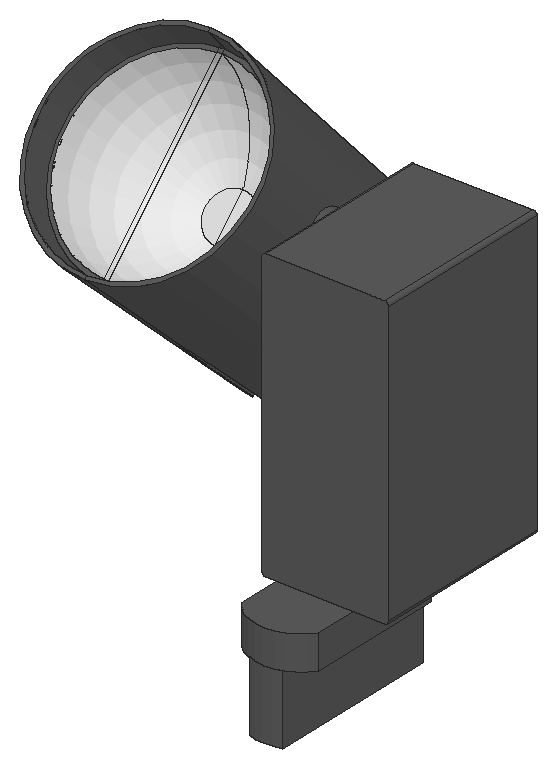
Revit family "0004950 Feilo Sylvania Lighting Fixture START TRACK SPOT S DALI 2087LM 940 WB BLK", category Lighting Fixtures, host Face, Revit 2017 (continued)
Definition of nested family "Start Track Spot Head"
  Types (96, lengths in mm): name | Wattage | built-in parameter 1150134 | Photometric Web File | Model | built-in parameter 1150105 | Lumens | built-in parameter 1150107 | built-in parameter 1150106 | HeadThickness_FEILO | HeadRibOffset_FEILO | HeadRibDepth_FEILO | HeadRibCutWidth_FEILO | HeadRibCutOffset_FEILO | HeadReflectorRadius_FEILO | HeadReflectorOffset_FEILO | HeadLEDRadius_FEILO | HeadHeight_FEILO | HeadDiffusorOffset_FEILO | HeadDiaOut_FEILO | HeadDiaIn_FEILO | HeadAxisFromTop_FEILO | Emit from Circle Diameter | built-in parameter 1150104 | Description | Apparent Load
    0004864 START TRACK SPOT S 24W 3K RA90 WB WHITE | 24 W | (empty or 0) | "0004864.ies" | "START TRACK SPOT S 24W 3K RA90 WB WHITE" | 152.79 (stored number, unit not read) | 1920 lm | 3000 (stored number, unit not read) | 1.5279 (stored number, unit not read) | 1.5 | 4.179 | 55.714 | 7.167 | 50.87 | 50.588 | 55.714 | 9.556 | 117 | 9.435 | 86 | 77.477 | 69.354 | 77.477 | 7.4322 (stored number, unit not read) | "Integrated LED spotlight, Textured White - RAL9016, compact and minimalist design, ideal for retail applications, die-cast aluminium body, passive cooling heatsink. Beam angle: 64°, color temperature: 3000K , total system power: 24W, total fixture output: 1928 lm, LOR: 100%, colour rendering: Ra: 90 typical, LED Chromaticity: 3 step MacAdam ellipse, lifetime: >50000 hours at L70B50, energy class: A++, A+, A, IR/UV free light source without heat radiation, operating voltage: 220-240V / 50-60Hz, drive current: 600mA, electronic driver, non-dimmable, power factor: 0.95, electrical protection: Class II, Global Track 3 Phase adapter suitable for Global trac 3-circuit tracks, ingress protection rating: IP20, suitable for internal environment only, horizontal rotation: 355°, vertical tilt: 90°, dimensions: Ø86x140x200, weight: 0.966kg." | 24 VA
    0004863 START TRACK SPOT S 24W 3K RA90 MB WHITE | 24 W | (empty or 0) | "0004863.ies" | "START TRACK SPOT S 24W 3K RA90 MB WHITE" | 154.7 (stored number, unit not read) | 1944 lm | 3000 (stored number, unit not read) | 1.547 (stored number, unit not read) | 1.5 | 4.179 | 55.714 | 7.167 | 50.87 | 50.588 | 55.714 | 9.556 | 117 | 9.435 | 86 | 77.477 | 69.354 | 77.477 | 7.5251 (stored number, unit not read) | "Integrated LED spotlight, Textured White - RAL9016, compact and minimalist design, ideal for retail applications, die-cast aluminium body, passive cooling heatsink. Beam angle: 36°, color temperature: 3000K , total system power: 24W, total fixture output: 1944 lm, LOR: 100%, colour rendering: Ra: 90 typical, LED Chromaticity: 3 step MacAdam ellipse, lifetime: >50000 hours at L70B50, energy class: A++, A+, A, IR/UV free light source without heat radiation, operating voltage: 220-240V / 50-60Hz, drive current: 600mA, electronic driver, non-dimmable, power factor: 0.95, electrical protection: Class II, Global Track 3 Phase adapter suitable for Global trac 3-circuit tracks, ingress protection rating: IP20, suitable for internal environment only, horizontal rotation: 355°, vertical tilt: 90°, dimensions: Ø86x140x200, weight: 0.966kg." | 24 VA
    0004862 START TRACK SPOT S 24W 3K RA90 NB WHITE | 24 W | (empty or 0) | "0004862.ies" | "START TRACK SPOT S 24W 3K RA90 NB WHITE" | 158.52 (stored number, unit not read) | 1992 lm | 3000 (stored number, unit not read) | 1.5852 (stored number, unit not read) | 1.5 | 4.179 | 55.714 | 7.167 | 50.87 | 50.588 | 55.714 | 9.556 | 117 | 9.435 | 86 | 77.477 | 69.354 | 77.477 | 7.711 (stored number, unit not read) | "Integrated LED spotlight, Textured White - RAL9016, compact and minimalist design, ideal for retail applications, die-cast aluminium body, passive cooling heatsink. Beam angle: 12°, color temperature: 3000K , total system power: 24W, total fixture output: 1987 lm, LOR: 100%, colour rendering: Ra: 90 typical, LED Chromaticity: 3 step MacAdam ellipse, lifetime: >50000 hours at L70B50, energy class: A++, A+, A, IR/UV free light source without heat radiation, operating voltage: 220-240V / 50-60Hz, drive current: 600mA, electronic driver, non-dimmable, power factor: 0.95, electrical protection: Class II, Global Track 3 Phase adapter suitable for Global trac 3-circuit tracks, ingress protection rating: IP20, suitable for internal environment only, horizontal rotation: 355°, vertical tilt: 90°, dimensions: Ø86x140x200, weight: 0.966kg." | 24 VA
    0004861 START TRACK SPOT S 14W 3K RA90 WB WHITE | 14 W | (empty or 0) | "0004861.ies" | "START TRACK SPOT S 14W 3K RA90 WB WHITE" | 100.27 (stored number, unit not read) | 1260 lm | 3000 (stored number, unit not read) | 1.0027 (stored number, unit not read) | 1.5 | 4.179 | 55.714 | 7.167 | 50.87 | 50.588 | 55.714 | 9.556 | 117 | 9.435 | 86 | 77.477 | 69.354 | 77.477 | 8.3613 (stored number, unit not read) | "Integrated LED spotlight, Textured White - RAL9016, compact and minimalist design, ideal for retail applications, die-cast aluminium body, passive cooling heatsink. Beam angle: 64°, color temperature: 3000K , total system power: 14W, total fixture output: 1262 lm, LOR: 100%, colour rendering: Ra: 90 typical, LED Chromaticity: 3 step MacAdam ellipse, lifetime: >50000 hours at L70B50, energy class: A++, A+, A, IR/UV free light source without heat radiation, operating voltage: 220-240V / 50-60Hz, drive current: 350mA, electronic driver, non-dimmable, power factor: 0.92, electrical protection: Class II, Global Track 3 Phase adapter suitable for Global trac 3-circuit tracks, ingress protection rating: IP20, suitable for internal environment only, horizontal rotation: 355°, vertical tilt: 90°, dimensions: Ø86x140x200, weight: 0.940kg." | 14 VA
    0004860 START TRACK SPOT S 14W 3K RA90 MB WHITE | 14 W | (empty or 0) | "0004860.ies" | "START TRACK SPOT S 14W 3K RA90 MB WHITE" | 100.27 (stored number, unit not read) | 1260 lm | 3000 (stored number, unit not read) | 1.0027 (stored number, unit not read) | 1.5 | 4.179 | 55.714 | 7.167 | 50.87 | 50.588 | 55.714 | 9.556 | 117 | 9.435 | 86 | 77.477 | 69.354 | 77.477 | 8.3613 (stored number, unit not read) | "Integrated LED spotlight, Textured White - RAL9016, compact and minimalist design, ideal for retail applications, die-cast aluminium body, passive cooling heatsink. Beam angle: 36°, color temperature: 3000K , total system power: 14W, total fixture output: 1262 lm, LOR: 100%, colour rendering: Ra: 90 typical, LED Chromaticity: 3 step MacAdam ellipse, lifetime: >50000 hours at L70B50, energy class: A++, A+, A, IR/UV free light source without heat radiation, operating voltage: 220-240V / 50-60Hz, drive current: 350mA, electronic driver, non-dimmable, power factor: 0.92, electrical protection: Class II, Global Track 3 Phase adapter suitable for Global trac 3-circuit tracks, ingress protection rating: IP20, suitable for internal environment only, horizontal rotation: 355°, vertical tilt: 90°, dimensions: Ø86x140x200, weight: 0.940kg." | 14 VA
    0004859 START TRACK SPOT S 14W 3K RA90 NB WHITE | 14 W | (empty or 0) | "0004859.ies" | "START TRACK SPOT S 14W 3K RA90 NB WHITE" | 102.5 (stored number, unit not read) | 1288 lm | 3000 (stored number, unit not read) | 1.025 (stored number, unit not read) | 1.5 | 4.179 | 55.714 | 7.167 | 50.87 | 50.588 | 55.714 | 9.556 | 117 | 9.435 | 86 | 77.477 | 69.354 | 77.477 | 8.5471 (stored number, unit not read) | "Integrated LED spotlight, Textured White - RAL9016, compact and minimalist design, ideal for retail applications, die-cast aluminium body, passive cooling heatsink. Beam angle: 12°, color temperature: 3000K , total system power: 14W, total fixture output: 1284 lm, LOR: 100%, colour rendering: Ra: 90 typical, LED Chromaticity: 3 step MacAdam ellipse, lifetime: >50000 hours at L70B50, energy class: A++, A+, A, IR/UV free light source without heat radiation, operating voltage: 220-240V / 50-60Hz, drive current: 350mA, electronic driver, non-dimmable, power factor: 0.92, electrical protection: Class II, Global Track 3 Phase adapter suitable for Global trac 3-circuit tracks, ingress protection rating: IP20, suitable for internal environment only, horizontal rotation: 355°, vertical tilt: 90°, dimensions: Ø86x140x200, weight: 0.940kg." | 14 VA
    0004858 START TRACK SPOT L 55W 4K RA80 WB BLACK | 55 W | 12 | "0004858.ies" | "START TRACK SPOT L 55W 4K RA80 WB BLACK" | 424.55 (stored number, unit not read) | 5335 lm | 4000 (stored number, unit not read) | 4.2455 (stored number, unit not read) | 2 | 4.429 | 59.048 | 9.417 | 53.913 | 66.471 | 59.048 | 12.556 | 124 | 10 | 113 | 101.802 | 73.503 | 101.802 | 9.0116 (stored number, unit not read) | "Integrated LED spotlight, Textured Black - RAL9005, compact and minimalist design, ideal for retail applications, die-cast aluminium body, passive cooling heatsink. Beam angle: 52°, color temperature: 4000K , total system power: 55W, total fixture output: 5320 lm, LOR: 100%, colour rendering: Ra: 80 typical, LED Chromaticity: 3 step MacAdam ellipse, lifetime: >50000 hours at L70B50, energy class: A++, A+, A, IR/UV free light source without heat radiation, operating voltage: 220-240V / 50-60Hz, drive current: 1400mA, electronic driver, non-dimmable, power factor: 0.96, electrical protection: Class II, Global Track 3 Phase adapter suitable for Global trac 3-circuit tracks, ingress protection rating: IP20, suitable for internal environment only, horizontal rotation: 355°, vertical tilt: 90°, dimensions: Ø113x164x240, weight: 1.398kg." | 55 VA
    0004857 START TRACK SPOT L 55W 4K RA80 MB BLACK | 55 W | 12 | "0004857.ies" | "START TRACK SPOT L 55W 4K RA80 MB BLACK" | 428.92 (stored number, unit not read) | 5390 lm | 4000 (stored number, unit not read) | 4.2892 (stored number, unit not read) | 2 | 4.429 | 59.048 | 9.417 | 53.913 | 66.471 | 59.048 | 12.556 | 124 | 10 | 113 | 101.802 | 73.503 | 101.802 | 9.1045 (stored number, unit not read) | "Integrated LED spotlight, Textured Black - RAL9005, compact and minimalist design, ideal for retail applications, die-cast aluminium body, passive cooling heatsink. Beam angle: 38°, color temperature: 4000K , total system power: 55W, total fixture output: 5378 lm, LOR: 100%, colour rendering: Ra: 80 typical, LED Chromaticity: 3 step MacAdam ellipse, lifetime: >50000 hours at L70B50, energy class: A++, A+, A, IR/UV free light source without heat radiation, operating voltage: 220-240V / 50-60Hz, drive current: 1400mA, electronic driver, non-dimmable, power factor: 0.96, electrical protection: Class II, Global Track 3 Phase adapter suitable for Global trac 3-circuit tracks, ingress protection rating: IP20, suitable for internal environment only, horizontal rotation: 355°, vertical tilt: 90°, dimensions: Ø113x164x240, weight: 1.398kg." | 55 VA
    0004856 START TRACK SPOT L 55W 4K RA80 NB BLACK | 55 W | 12 | "0004856.ies" | "START TRACK SPOT L 55W 4K RA80 NB BLACK" | 433.3 (stored number, unit not read) | 5445 lm | 4000 (stored number, unit not read) | 4.333 (stored number, unit not read) | 2 | 4.429 | 59.048 | 9.417 | 53.913 | 66.471 | 59.048 | 12.556 | 124 | 10 | 113 | 101.802 | 73.503 | 101.802 | 9.1974 (stored number, unit not read) | "Integrated LED spotlight, Textured Black - RAL9005, compact and minimalist design, ideal for retail applications, die-cast aluminium body, passive cooling heatsink. Beam angle: 15°, color temperature: 4000K , total system power: 55W, total fixture output: 5426 lm, LOR: 100%, colour rendering: Ra: 80 typical, LED Chromaticity: 3 step MacAdam ellipse, lifetime: >50000 hours at L70B50, energy class: A++, A+, A, IR/UV free light source without heat radiation, operating voltage: 220-240V / 50-60Hz, drive current: 1400mA, electronic driver, non-dimmable, power factor: 0.96, electrical protection: Class II, Global Track 3 Phase adapter suitable for Global trac 3-circuit tracks, ingress protection rating: IP20, suitable for internal environment only, horizontal rotation: 355°, vertical tilt: 90°, dimensions: Ø113x164x240, weight: 1.398kg." | 55 VA
    0004855 START TRACK SPOT L 35W 4K RA80 WB BLACK | 35 W | 12 | "0004855.ies" | "START TRACK SPOT L 35W 4K RA80 WB BLACK" | 320.3 (stored number, unit not read) | 4025 lm | 4000 (stored number, unit not read) | 3.203 (stored number, unit not read) | 2 | 4.429 | 59.048 | 9.417 | 53.913 | 66.471 | 59.048 | 12.556 | 124 | 10 | 113 | 101.802 | 73.503 | 101.802 | 10.684 (stored number, unit not read) | "Integrated LED spotlight, Textured Black - RAL9005, compact and minimalist design, ideal for retail applications, die-cast aluminium body, passive cooling heatsink. Beam angle: 52°, color temperature: 4000K , total system power: 35W, total fixture output: 4010 lm, LOR: 100%, colour rendering: Ra: 80 typical, LED Chromaticity: 3 step MacAdam ellipse, lifetime: >50000 hours at L70B50, energy class: A++, A+, A, IR/UV free light source without heat radiation, operating voltage: 220-240V / 50-60Hz, drive current: 900mA, electronic driver, non-dimmable, power factor: 0.93, electrical protection: Class II, Global Track 3 Phase adapter suitable for Global trac 3-circuit tracks, ingress protection rating: IP20, suitable for internal environment only, horizontal rotation: 355°, vertical tilt: 90°, dimensions: Ø113x164x240, weight: 1.368kg." | 35 VA
    0004854 START TRACK SPOT L 35W 4K RA80 MB BLACK | 35 W | 12 | "0004854.ies" | "START TRACK SPOT L 35W 4K RA80 MB BLACK" | 320.3 (stored number, unit not read) | 4025 lm | 4000 (stored number, unit not read) | 3.203 (stored number, unit not read) | 2 | 4.429 | 59.048 | 9.417 | 53.913 | 66.471 | 59.048 | 12.556 | 124 | 10 | 113 | 101.802 | 73.503 | 101.802 | 10.684 (stored number, unit not read) | "Integrated LED spotlight, Textured Black - RAL9005, compact and minimalist design, ideal for retail applications, die-cast aluminium body, passive cooling heatsink. Beam angle: 38°, color temperature: 4000K , total system power: 35W, total fixture output: 4017 lm, LOR: 100%, colour rendering: Ra: 80 typical, LED Chromaticity: 3 step MacAdam ellipse, lifetime: >50000 hours at L70B50, energy class: A++, A+, A, IR/UV free light source without heat radiation, operating voltage: 220-240V / 50-60Hz, drive current: 900mA, electronic driver, non-dimmable, power factor: 0.93, electrical protection: Class II, Global Track 3 Phase adapter suitable for Global trac 3-circuit tracks, ingress protection rating: IP20, suitable for internal environment only, horizontal rotation: 355°, vertical tilt: 90°, dimensions: Ø113x164x240, weight: 1.368kg." | 35 VA
    0004853 START TRACK SPOT L 35W 4K RA80 NB BLACK | 35 W | 12 | "0004853.ies" | "START TRACK SPOT L 35W 4K RA80 NB BLACK" | 331.44 (stored number, unit not read) | 4165 lm | 4000 (stored number, unit not read) | 3.3144 (stored number, unit not read) | 2 | 4.429 | 59.048 | 9.417 | 53.913 | 66.471 | 59.048 | 12.556 | 124 | 10 | 113 | 101.802 | 73.503 | 101.802 | 11.055 (stored number, unit not read) | "Integrated LED spotlight, Textured Black - RAL9005, compact and minimalist design, ideal for retail applications, die-cast aluminium body, passive cooling heatsink. Beam angle: 15°, color temperature: 4000K , total system power: 35W, total fixture output: 4174 lm, LOR: 100%, colour rendering: Ra: 80 typical, LED Chromaticity: 3 step MacAdam ellipse, lifetime: >50000 hours at L70B50, energy class: A++, A+, A, IR/UV free light source without heat radiation, operating voltage: 220-240V / 50-60Hz, drive current: 900mA, electronic driver, non-dimmable, power factor: 0.93, electrical protection: Class II, Global Track 3 Phase adapter suitable for Global trac 3-circuit tracks, ingress protection rating: IP20, suitable for internal environment only, horizontal rotation: 355°, vertical tilt: 90°, dimensions: Ø113x164x240, weight: 1.368kg." | 35 VA
    0004852 START TRACK SPOT S 24W 4K RA80 WB BLACK | 24 W | 12 | "0004852.ies" | "START TRACK SPOT S 24W 4K RA80 WB BLACK" | 196.72 (stored number, unit not read) | 2472 lm | 4000 (stored number, unit not read) | 1.9672 (stored number, unit not read) | 1.5 | 4.179 | 55.714 | 7.167 | 50.87 | 50.588 | 55.714 | 9.556 | 117 | 9.435 | 86 | 77.477 | 69.354 | 77.477 | 9.569 (stored number, unit not read) | "Integrated LED spotlight, Textured Black - RAL9005, compact and minimalist design, ideal for retail applications, die-cast aluminium body, passive cooling heatsink. Beam angle: 64°, color temperature: 4000K , total system power: 24W, total fixture output: 2476 lm, LOR: 100%, colour rendering: Ra: 80 typical, LED Chromaticity: 3 step MacAdam ellipse, lifetime: >50000 hours at L70B50, energy class: A++, A+, A, IR/UV free light source without heat radiation, operating voltage: 220-240V / 50-60Hz, drive current: 600mA, electronic driver, non-dimmable, power factor: 0.95, electrical protection: Class II, Global Track 3 Phase adapter suitable for Global trac 3-circuit tracks, ingress protection rating: IP20, suitable for internal environment only, horizontal rotation: 355°, vertical tilt: 90°, dimensions: Ø86x140x200, weight: 0.966kg." | 24 VA
    0004851 START TRACK SPOT S 24W 4K RA80 MB BLACK | 24 W | 12 | "0004851.ies" | "START TRACK SPOT S 24W 4K RA80 MB BLACK" | 198.63 (stored number, unit not read) | 2496 lm | 4000 (stored number, unit not read) | 1.9863 (stored number, unit not read) | 1.5 | 4.179 | 55.714 | 7.167 | 50.87 | 50.588 | 55.714 | 9.556 | 117 | 9.435 | 86 | 77.477 | 69.354 | 77.477 | 9.6619 (stored number, unit not read) | "Integrated LED spotlight, Textured Black - RAL9005, compact and minimalist design, ideal for retail applications, die-cast aluminium body, passive cooling heatsink. Beam angle: 36°, color temperature: 4000K , total system power: 24W, total fixture output: 2487 lm, LOR: 100%, colour rendering: Ra: 80 typical, LED Chromaticity: 3 step MacAdam ellipse, lifetime: >50000 hours at L70B50, energy class: A++, A+, A, IR/UV free light source without heat radiation, operating voltage: 220-240V / 50-60Hz, drive current: 600mA, electronic driver, non-dimmable, power factor: 0.95, electrical protection: Class II, Global Track 3 Phase adapter suitable for Global trac 3-circuit tracks, ingress protection rating: IP20, suitable for internal environment only, horizontal rotation: 355°, vertical tilt: 90°, dimensions: Ø86x140x200, weight: 0.966kg." | 24 VA
    0004850 START TRACK SPOT S 24W 4K RA80 NB BLACK | 24 W | 12 | "0004850.ies" | "START TRACK SPOT S 24W 4K RA80 NB BLACK" | 200.54 (stored number, unit not read) | 2520 lm | 4000 (stored number, unit not read) | 2.0054 (stored number, unit not read) | 1.5 | 4.179 | 55.714 | 7.167 | 50.87 | 50.588 | 55.714 | 9.556 | 117 | 9.435 | 86 | 77.477 | 69.354 | 77.477 | 9.7548 (stored number, unit not read) | "Integrated LED spotlight, Textured Black - RAL9005, compact and minimalist design, ideal for retail applications, die-cast aluminium body, passive cooling heatsink. Beam angle: 12°, color temperature: 4000K , total system power: 24W, total fixture output: 2529 lm, LOR: 100%, colour rendering: Ra: 80 typical, LED Chromaticity: 3 step MacAdam ellipse, lifetime: >50000 hours at L70B50, energy class: A++, A+, A, IR/UV free light source without heat radiation, operating voltage: 220-240V / 50-60Hz, drive current: 600mA, electronic driver, non-dimmable, power factor: 0.95, electrical protection: Class II, Global Track 3 Phase adapter suitable for Global trac 3-circuit tracks, ingress protection rating: IP20, suitable for internal environment only, horizontal rotation: 355°, vertical tilt: 90°, dimensions: Ø86x140x200, weight: 0.966kg." | 24 VA
    0004849 START TRACK SPOT S 14W 4K RA80 WB BLACK | 14 W | 12 | "0004849.ies" | "START TRACK SPOT S 14W 4K RA80 WB BLACK" | 123.66 (stored number, unit not read) | 1554 lm | 4000 (stored number, unit not read) | 1.2366 (stored number, unit not read) | 1.5 | 4.179 | 55.714 | 7.167 | 50.87 | 50.588 | 55.714 | 9.556 | 117 | 9.435 | 86 | 77.477 | 69.354 | 77.477 | 10.312 (stored number, unit not read) | "Integrated LED spotlight, Textured Black - RAL9005, compact and minimalist design, ideal for retail applications, die-cast aluminium body, passive cooling heatsink. Beam angle: 64°, color temperature: 4000K , total system power: 14W, total fixture output: 1558 lm, LOR: 100%, colour rendering: Ra: 80 typical, LED Chromaticity: 3 step MacAdam ellipse, lifetime: >50000 hours at L70B50, energy class: A++, A+, A, IR/UV free light source without heat radiation, operating voltage: 220-240V / 50-60Hz, drive current: 350mA, electronic driver, non-dimmable, power factor: 0.92, electrical protection: Class II, Global Track 3 Phase adapter suitable for Global trac 3-circuit tracks, ingress protection rating: IP20, suitable for internal environment only, horizontal rotation: 355°, vertical tilt: 90°, dimensions: Ø86x140x200, weight: 0.940kg." | 14 VA
    0004848 START TRACK SPOT S 14W 4K RA80 MB BLACK | 14 W | 12 | "0004848.ies" | "START TRACK SPOT S 14W 4K RA80 MB BLACK" | 127.01 (stored number, unit not read) | 1596 lm | 4000 (stored number, unit not read) | 1.2701 (stored number, unit not read) | 1.5 | 4.179 | 55.714 | 7.167 | 50.87 | 50.588 | 55.714 | 9.556 | 117 | 9.435 | 86 | 77.477 | 69.354 | 77.477 | 10.591 (stored number, unit not read) | "Integrated LED spotlight, Textured Black - RAL9005, compact and minimalist design, ideal for retail applications, die-cast aluminium body, passive cooling heatsink. Beam angle: 36°, color temperature: 4000K , total system power: 14W, total fixture output: 1598 lm, LOR: 100%, colour rendering: Ra: 80 typical, LED Chromaticity: 3 step MacAdam ellipse, lifetime: >50000 hours at L70B50, energy class: A++, A+, A, IR/UV free light source without heat radiation, operating voltage: 220-240V / 50-60Hz, drive current: 350mA, electronic driver, non-dimmable, power factor: 0.92, electrical protection: Class II, Global Track 3 Phase adapter suitable for Global trac 3-circuit tracks, ingress protection rating: IP20, suitable for internal environment only, horizontal rotation: 355°, vertical tilt: 90°, dimensions: Ø86x140x200, weight: 0.940kg." | 14 VA
    0004847 START TRACK SPOT S 14W 4K RA80 NB BLACK | 14 W | 12 | "0004847.ies" | "START TRACK SPOT S 14W 4K RA80 NB BLACK" | 128.12 (stored number, unit not read) | 1610 lm | 4000 (stored number, unit not read) | 1.2812 (stored number, unit not read) | 1.5 | 4.179 | 55.714 | 7.167 | 50.87 | 50.588 | 55.714 | 9.556 | 117 | 9.435 | 86 | 77.477 | 69.354 | 77.477 | 10.684 (stored number, unit not read) | "Integrated LED spotlight, Textured Black - RAL9005, compact and minimalist design, ideal for retail applications, die-cast aluminium body, passive cooling heatsink. Beam angle: 12°, color temperature: 4000K , total system power: 14W, total fixture output: 1608 lm, LOR: 100%, colour rendering: Ra: 80 typical, LED Chromaticity: 3 step MacAdam ellipse, lifetime: >50000 hours at L70B50, energy class: A++, A+, A, IR/UV free light source without heat radiation, operating voltage: 220-240V / 50-60Hz, drive current: 350mA, electronic driver, non-dimmable, power factor: 0.92, electrical protection: Class II, Global Track 3 Phase adapter suitable for Global trac 3-circuit tracks, ingress protection rating: IP20, suitable for internal environment only, horizontal rotation: 355°, vertical tilt: 90°, dimensions: Ø86x140x200, weight: 0.940kg." | 14 VA
    0004846 START TRACK SPOT L 55W 3K RA80 WB BLACK | 55 W | (empty or 0) | "0004846.ies" | "START TRACK SPOT L 55W 3K RA80 WB BLACK" | 420.17 (stored number, unit not read) | 5280 lm | 3000 (stored number, unit not read) | 4.2017 (stored number, unit not read) | 2 | 4.429 | 59.048 | 9.417 | 53.913 | 66.471 | 59.048 | 12.556 | 124 | 10 | 113 | 101.802 | 73.503 | 101.802 | 8.9187 (stored number, unit not read) | "Integrated LED spotlight, Textured Black - RAL9005, compact and minimalist design, ideal for retail applications, die-cast aluminium body, passive cooling heatsink. Beam angle: 52°, color temperature: 3000K , total system power: 55W, total fixture output: 5298 lm, LOR: 100%, colour rendering: Ra: 80 typical, LED Chromaticity: 3 step MacAdam ellipse, lifetime: >50000 hours at L70B50, energy class: A++, A+, A, IR/UV free light source without heat radiation, operating voltage: 220-240V / 50-60Hz, drive current: 1400mA, electronic driver, non-dimmable, power factor: 0.96, electrical protection: Class II, Global Track 3 Phase adapter suitable for Global trac 3-circuit tracks, ingress protection rating: IP20, suitable for internal environment only, horizontal rotation: 355°, vertical tilt: 90°, dimensions: Ø113x164x240, weight: 1.398kg." | 55 VA
    0004845 START TRACK SPOT L 55W 3K RA80 MB BLACK | 55 W | (empty or 0) | "0004845.ies" | "START TRACK SPOT L 55W 3K RA80 MB BLACK" | 428.92 (stored number, unit not read) | 5390 lm | 3000 (stored number, unit not read) | 4.2892 (stored number, unit not read) | 2 | 4.429 | 59.048 | 9.417 | 53.913 | 66.471 | 59.048 | 12.556 | 124 | 10 | 113 | 101.802 | 73.503 | 101.802 | 9.1045 (stored number, unit not read) | "Integrated LED spotlight, Textured Black - RAL9005, compact and minimalist design, ideal for retail applications, die-cast aluminium body, passive cooling heatsink. Beam angle: 38°, color temperature: 3000K , total system power: 55W, total fixture output: 5381 lm, LOR: 100%, colour rendering: Ra: 80 typical, LED Chromaticity: 3 step MacAdam ellipse, lifetime: >50000 hours at L70B50, energy class: A++, A+, A, IR/UV free light source without heat radiation, operating voltage: 220-240V / 50-60Hz, drive current: 1400mA, electronic driver, non-dimmable, power factor: 0.96, electrical protection: Class II, Global Track 3 Phase adapter suitable for Global trac 3-circuit tracks, ingress protection rating: IP20, suitable for internal environment only, horizontal rotation: 355°, vertical tilt: 90°, dimensions: Ø113x164x240, weight: 1.398kg." | 55 VA
    0004844 START TRACK SPOT L 55W 3K RA80 NB BLACK | 55 W | (empty or 0) | "0004844.ies" | "START TRACK SPOT L 55W 3K RA80 NB BLACK" | 433.3 (stored number, unit not read) | 5445 lm | 3000 (stored number, unit not read) | 4.333 (stored number, unit not read) | 2 | 4.429 | 59.048 | 9.417 | 53.913 | 66.471 | 59.048 | 12.556 | 124 | 10 | 113 | 101.802 | 73.503 | 101.802 | 9.1974 (stored number, unit not read) | "Integrated LED spotlight, Textured Black - RAL9005, compact and minimalist design, ideal for retail applications, die-cast aluminium body, passive cooling heatsink. Beam angle: 15°, color temperature: 3000K , total system power: 55W, total fixture output: 5449 lm, LOR: 100%, colour rendering: Ra: 80 typical, LED Chromaticity: 3 step MacAdam ellipse, lifetime: >50000 hours at L70B50, energy class: A++, A+, A, IR/UV free light source without heat radiation, operating voltage: 220-240V / 50-60Hz, drive current: 1400mA, electronic driver, non-dimmable, power factor: 0.96, electrical protection: Class II, Global Track 3 Phase adapter suitable for Global trac 3-circuit tracks, ingress protection rating: IP20, suitable for internal environment only, horizontal rotation: 355°, vertical tilt: 90°, dimensions: Ø113x164x240, weight: 1.398kg." | 55 VA
    0004843 START TRACK SPOT L 35W 3K RA80 WB BLACK | 35 W | (empty or 0) | "0004843.ies" | "START TRACK SPOT L 35W 3K RA80 WB BLACK" | 314.73 (stored number, unit not read) | 3955 lm | 3000 (stored number, unit not read) | 3.1473 (stored number, unit not read) | 2 | 4.429 | 59.048 | 9.417 | 53.913 | 66.471 | 59.048 | 12.556 | 124 | 10 | 113 | 101.802 | 73.503 | 101.802 | 10.498 (stored number, unit not read) | "Integrated LED spotlight, Textured Black - RAL9005, compact and minimalist design, ideal for retail applications, die-cast aluminium body, passive cooling heatsink. Beam angle: 52°, color temperature: 3000K , total system power: 35W, total fixture output: 3943 lm, LOR: 100%, colour rendering: Ra: 80 typical, LED Chromaticity: 3 step MacAdam ellipse, lifetime: >50000 hours at L70B50, energy class: A++, A+, A, IR/UV free light source without heat radiation, operating voltage: 220-240V / 50-60Hz, drive current: 900mA, electronic driver, non-dimmable, power factor: 0.93, electrical protection: Class II, Global Track 3 Phase adapter suitable for Global trac 3-circuit tracks, ingress protection rating: IP20, suitable for internal environment only, horizontal rotation: 355°, vertical tilt: 90°, dimensions: Ø113x164x240, weight: 1.368kg." | 35 VA
    0004842 START TRACK SPOT L 35W 3K RA80 MB BLACK | 35 W | (empty or 0) | "0004842.ies" | "START TRACK SPOT L 35W 3K RA80 MB BLACK" | 320.3 (stored number, unit not read) | 4025 lm | 3000 (stored number, unit not read) | 3.203 (stored number, unit not read) | 2 | 4.429 | 59.048 | 9.417 | 53.913 | 66.471 | 59.048 | 12.556 | 124 | 10 | 113 | 101.802 | 73.503 | 101.802 | 10.684 (stored number, unit not read) | "Integrated LED spotlight, Textured Black - RAL9005, compact and minimalist design, ideal for retail applications, die-cast aluminium body, passive cooling heatsink. Beam angle: 38°, color temperature: 3000K , total system power: 35W, total fixture output: 4008 lm, LOR: 100%, colour rendering: Ra: 80 typical, LED Chromaticity: 3 step MacAdam ellipse, lifetime: >50000 hours at L70B50, energy class: A++, A+, A, IR/UV free light source without heat radiation, operating voltage: 220-240V / 50-60Hz, drive current: 900mA, electronic driver, non-dimmable, power factor: 0.93, electrical protection: Class II, Global Track 3 Phase adapter suitable for Global trac 3-circuit tracks, ingress protection rating: IP20, suitable for internal environment only, horizontal rotation: 355°, vertical tilt: 90°, dimensions: Ø113x164x240, weight: 1.368kg." | 35 VA
    0004841 START TRACK SPOT L 35W 3K RA80 NB BLACK | 35 W | (empty or 0) | "0004841.ies" | "START TRACK SPOT L 35W 3K RA80 NB BLACK" | 317.51 (stored number, unit not read) | 3990 lm | 3000 (stored number, unit not read) | 3.1751 (stored number, unit not read) | 2 | 4.429 | 59.048 | 9.417 | 53.913 | 66.471 | 59.048 | 12.556 | 124 | 10 | 113 | 101.802 | 73.503 | 101.802 | 10.591 (stored number, unit not read) | "Integrated LED spotlight, Textured Black - RAL9005, compact and minimalist design, ideal for retail applications, die-cast aluminium body, passive cooling heatsink. Beam angle: 15°, color temperature: 3000K , total system power: 35W, total fixture output: 4005 lm, LOR: 100%, colour rendering: Ra: 80 typical, LED Chromaticity: 3 step MacAdam ellipse, lifetime: >50000 hours at L70B50, energy class: A++, A+, A, IR/UV free light source without heat radiation, operating voltage: 220-240V / 50-60Hz, drive current: 900mA, electronic driver, non-dimmable, power factor: 0.93, electrical protection: Class II, Global Track 3 Phase adapter suitable for Global trac 3-circuit tracks, ingress protection rating: IP20, suitable for internal environment only, horizontal rotation: 355°, vertical tilt: 90°, dimensions: Ø113x164x240, weight: 1.368kg." | 35 VA
    0004840 START TRACK SPOT S 24W 3K RA80 WB BLACK | 24 W | (empty or 0) | "0004840.ies" | "START TRACK SPOT S 24W 3K RA80 WB BLACK" | 185.26 (stored number, unit not read) | 2328 lm | 3000 (stored number, unit not read) | 1.8526 (stored number, unit not read) | 1.5 | 4.179 | 55.714 | 7.167 | 50.87 | 50.588 | 55.714 | 9.556 | 117 | 9.435 | 86 | 77.477 | 69.354 | 77.477 | 9.0116 (stored number, unit not read) | "Integrated LED spotlight, Textured Black - RAL9005, compact and minimalist design, ideal for retail applications, die-cast aluminium body, passive cooling heatsink. Beam angle: 64°, color temperature: 3000K , total system power: 24W, total fixture output: 2318 lm, LOR: 100%, colour rendering: Ra: 80 typical, LED Chromaticity: 3 step MacAdam ellipse, lifetime: >50000 hours at L70B50, energy class: A++, A+, A, IR/UV free light source without heat radiation, operating voltage: 220-240V / 50-60Hz, drive current: 600mA, electronic driver, non-dimmable, power factor: 0.95, electrical protection: Class II, Global Track 3 Phase adapter suitable for Global trac 3-circuit tracks, ingress protection rating: IP20, suitable for internal environment only, horizontal rotation: 355°, vertical tilt: 90°, dimensions: Ø86x140x200, weight: 0.966kg." | 24 VA
    0004839 START TRACK SPOT S 24W 3K RA80 MB BLACK | 24 W | (empty or 0) | "0004839.ies" | "START TRACK SPOT S 24W 3K RA80 MB BLACK" | 183.35 (stored number, unit not read) | 2304 lm | 3000 (stored number, unit not read) | 1.8335 (stored number, unit not read) | 1.5 | 4.179 | 55.714 | 7.167 | 50.87 | 50.588 | 55.714 | 9.556 | 117 | 9.435 | 86 | 77.477 | 69.354 | 77.477 | 8.9187 (stored number, unit not read) | "Integrated LED spotlight, Textured Black - RAL9005, compact and minimalist design, ideal for retail applications, die-cast aluminium body, passive cooling heatsink. Beam angle: 36°, color temperature: 3000K , total system power: 24W, total fixture output: 2314 lm, LOR: 100%, colour rendering: Ra: 80 typical, LED Chromaticity: 3 step MacAdam ellipse, lifetime: >50000 hours at L70B50, energy class: A++, A+, A, IR/UV free light source without heat radiation, operating voltage: 220-240V / 50-60Hz, drive current: 600mA, electronic driver, non-dimmable, power factor: 0.95, electrical protection: Class II, Global Track 3 Phase adapter suitable for Global trac 3-circuit tracks, ingress protection rating: IP20, suitable for internal environment only, horizontal rotation: 355°, vertical tilt: 90°, dimensions: Ø86x140x200, weight: 0.966kg." | 24 VA
    0004838 START TRACK SPOT S 24W 3K RA80 NB BLACK | 24 W | (empty or 0) | "0004838.ies" | "START TRACK SPOT S 24W 3K RA80 NB BLACK" | 185.26 (stored number, unit not read) | 2328 lm | 3000 (stored number, unit not read) | 1.8526 (stored number, unit not read) | 1.5 | 4.179 | 55.714 | 7.167 | 50.87 | 50.588 | 55.714 | 9.556 | 117 | 9.435 | 86 | 77.477 | 69.354 | 77.477 | 9.0116 (stored number, unit not read) | "Integrated LED spotlight, Textured Black - RAL9005, compact and minimalist design, ideal for retail applications, die-cast aluminium body, passive cooling heatsink. Beam angle: 12°, color temperature: 3000K , total system power: 24W, total fixture output: 2334 lm, LOR: 100%, colour rendering: Ra: 80 typical, LED Chromaticity: 3 step MacAdam ellipse, lifetime: >50000 hours at L70B50, energy class: A++, A+, A, IR/UV free light source without heat radiation, operating voltage: 220-240V / 50-60Hz, drive current: 600mA, electronic driver, non-dimmable, power factor: 0.95, electrical protection: Class II, Global Track 3 Phase adapter suitable for Global trac 3-circuit tracks, ingress protection rating: IP20, suitable for internal environment only, horizontal rotation: 355°, vertical tilt: 90°, dimensions: Ø86x140x200, weight: 0.966kg." | 24 VA
    0004837 START TRACK SPOT S 14W 3K RA80 WB BLACK | 14 W | (empty or 0) | "0004837.ies" | "START TRACK SPOT S 14W 3K RA80 WB BLACK" | 119.21 (stored number, unit not read) | 1498 lm | 3000 (stored number, unit not read) | 1.1921 (stored number, unit not read) | 1.5 | 4.179 | 55.714 | 7.167 | 50.87 | 50.588 | 55.714 | 9.556 | 117 | 9.435 | 86 | 77.477 | 69.354 | 77.477 | 9.9406 (stored number, unit not read) | "Integrated LED spotlight, Textured Black - RAL9005, compact and minimalist design, ideal for retail applications, die-cast aluminium body, passive cooling heatsink. Beam angle: 64°, color temperature: 3000K , total system power: 14W, total fixture output: 1498 lm, LOR: 100%, colour rendering: Ra: 80 typical, LED Chromaticity: 3 step MacAdam ellipse, lifetime: >50000 hours at L70B50, energy class: A++, A+, A, IR/UV free light source without heat radiation, operating voltage: 220-240V / 50-60Hz, drive current: 350mA, electronic driver, non-dimmable, power factor: 0.92, electrical protection: Class II, Global Track 3 Phase adapter suitable for Global trac 3-circuit tracks, ingress protection rating: IP20, suitable for internal environment only, horizontal rotation: 355°, vertical tilt: 90°, dimensions: Ø86x140x200, weight: 0.940kg." | 14 VA
    0004836 START TRACK SPOT S 14W 3K RA80 MB BLACK | 14 W | (empty or 0) | "0004836.ies" | "START TRACK SPOT S 14W 3K RA80 MB BLACK" | 120.32 (stored number, unit not read) | 1512 lm | 3000 (stored number, unit not read) | 1.2032 (stored number, unit not read) | 1.5 | 4.179 | 55.714 | 7.167 | 50.87 | 50.588 | 55.714 | 9.556 | 117 | 9.435 | 86 | 77.477 | 69.354 | 77.477 | 10.034 (stored number, unit not read) | "Integrated LED spotlight, Textured Black - RAL9005, compact and minimalist design, ideal for retail applications, die-cast aluminium body, passive cooling heatsink. Beam angle: 36°, color temperature: 3000K , total system power: 14W, total fixture output: 1508 lm, LOR: 100%, colour rendering: Ra: 80 typical, LED Chromaticity: 3 step MacAdam ellipse, lifetime: >50000 hours at L70B50, energy class: A++, A+, A, IR/UV free light source without heat radiation, operating voltage: 220-240V / 50-60Hz, drive current: 350mA, electronic driver, non-dimmable, power factor: 0.92, electrical protection: Class II, Global Track 3 Phase adapter suitable for Global trac 3-circuit tracks, ingress protection rating: IP20, suitable for internal environment only, horizontal rotation: 355°, vertical tilt: 90°, dimensions: Ø86x140x200, weight: 0.940kg." | 14 VA
    0004835 START TRACK SPOT S 14W 3K RA80 NB BLACK | 14 W | (empty or 0) | "0004835.ies" | "START TRACK SPOT S 14W 3K RA80 NB BLACK" | 123.66 (stored number, unit not read) | 1554 lm | 3000 (stored number, unit not read) | 1.2366 (stored number, unit not read) | 1.5 | 4.179 | 55.714 | 7.167 | 50.87 | 50.588 | 55.714 | 9.556 | 117 | 9.435 | 86 | 77.477 | 69.354 | 77.477 | 10.312 (stored number, unit not read) | "Integrated LED spotlight, Textured Black - RAL9005, compact and minimalist design, ideal for retail applications, die-cast aluminium body, passive cooling heatsink. Beam angle: 12°, color temperature: 3000K , total system power: 14W, total fixture output: 1551 lm, LOR: 100%, colour rendering: Ra: 80 typical, LED Chromaticity: 3 step MacAdam ellipse, lifetime: >50000 hours at L70B50, energy class: A++, A+, A, IR/UV free light source without heat radiation, operating voltage: 220-240V / 50-60Hz, drive current: 350mA, electronic driver, non-dimmable, power factor: 0.92, electrical protection: Class II, Global Track 3 Phase adapter suitable for Global trac 3-circuit tracks, ingress protection rating: IP20, suitable for internal environment only, horizontal rotation: 355°, vertical tilt: 90°, dimensions: Ø86x140x200, weight: 0.940kg." | 14 VA
    0004834 START TRACK SPOT L 55W 4K RA80 WB WHITE | 55 W | 12 | "0004834.ies" | "START TRACK SPOT L 55W 4K RA80 WB WHITE" | 424.55 (stored number, unit not read) | 5335 lm | 4000 (stored number, unit not read) | 4.2455 (stored number, unit not read) | 2 | 4.429 | 59.048 | 9.417 | 53.913 | 66.471 | 59.048 | 12.556 | 124 | 10 | 113 | 101.802 | 73.503 | 101.802 | 9.0116 (stored number, unit not read) | "Integrated LED spotlight, Textured White - RAL9016, compact and minimalist design, ideal for retail applications, die-cast aluminium body, passive cooling heatsink. Beam angle: 52°, color temperature: 4000K , total system power: 55W, total fixture output: 5320 lm, LOR: 100%, colour rendering: Ra: 80 typical, LED Chromaticity: 3 step MacAdam ellipse, lifetime: >50000 hours at L70B50, energy class: A++, A+, A, IR/UV free light source without heat radiation, operating voltage: 220-240V / 50-60Hz, drive current: 1400mA, electronic driver, non-dimmable, power factor: 0.96, electrical protection: Class II, Global Track 3 Phase adapter suitable for Global trac 3-circuit tracks, ingress protection rating: IP20, suitable for internal environment only, horizontal rotation: 355°, vertical tilt: 90°, dimensions: Ø113x164x240, weight: 1.398kg." | 55 VA
    0004833 START TRACK SPOT L 55W 4K RA80 MB WHITE | 55 W | 12 | "0004833.ies" | "START TRACK SPOT L 55W 4K RA80 MB WHITE" | 428.92 (stored number, unit not read) | 5390 lm | 4000 (stored number, unit not read) | 4.2892 (stored number, unit not read) | 2 | 4.429 | 59.048 | 9.417 | 53.913 | 66.471 | 59.048 | 12.556 | 124 | 10 | 113 | 101.802 | 73.503 | 101.802 | 9.1045 (stored number, unit not read) | "Integrated LED spotlight, Textured White - RAL9016, compact and minimalist design, ideal for retail applications, die-cast aluminium body, passive cooling heatsink. Beam angle: 38°, color temperature: 4000K , total system power: 55W, total fixture output: 5378 lm, LOR: 100%, colour rendering: Ra: 80 typical, LED Chromaticity: 3 step MacAdam ellipse, lifetime: >50000 hours at L70B50, energy class: A++, A+, A, IR/UV free light source without heat radiation, operating voltage: 220-240V / 50-60Hz, drive current: 1400mA, electronic driver, non-dimmable, power factor: 0.96, electrical protection: Class II, Global Track 3 Phase adapter suitable for Global trac 3-circuit tracks, ingress protection rating: IP20, suitable for internal environment only, horizontal rotation: 355°, vertical tilt: 90°, dimensions: Ø113x164x240, weight: 1.398kg." | 55 VA
    0004832 START TRACK SPOT L 55W 4K RA80 NB WHITE | 55 W | 12 | "0004832.ies" | "START TRACK SPOT L 55W 4K RA80 NB WHITE" | 433.3 (stored number, unit not read) | 5445 lm | 4000 (stored number, unit not read) | 4.333 (stored number, unit not read) | 2 | 4.429 | 59.048 | 9.417 | 53.913 | 66.471 | 59.048 | 12.556 | 124 | 10 | 113 | 101.802 | 73.503 | 101.802 | 9.1974 (stored number, unit not read) | "Integrated LED spotlight, Textured White - RAL9016, compact and minimalist design, ideal for retail applications, die-cast aluminium body, passive cooling heatsink. Beam angle: 15°, color temperature: 4000K , total system power: 55W, total fixture output: 5426 lm, LOR: 100%, colour rendering: Ra: 80 typical, LED Chromaticity: 3 step MacAdam ellipse, lifetime: >50000 hours at L70B50, energy class: A++, A+, A, IR/UV free light source without heat radiation, operating voltage: 220-240V / 50-60Hz, drive current: 1400mA, electronic driver, non-dimmable, power factor: 0.96, electrical protection: Class II, Global Track 3 Phase adapter suitable for Global trac 3-circuit tracks, ingress protection rating: IP20, suitable for internal environment only, horizontal rotation: 355°, vertical tilt: 90°, dimensions: Ø113x164x240, weight: 1.398kg." | 55 VA
    0004831 START TRACK SPOT L 35W 4K RA80 WB WHITE | 35 W | 12 | "0004831.ies" | "START TRACK SPOT L 35W 4K RA80 WB WHITE" | 320.3 (stored number, unit not read) | 4025 lm | 4000 (stored number, unit not read) | 3.203 (stored number, unit not read) | 2 | 4.429 | 59.048 | 9.417 | 53.913 | 66.471 | 59.048 | 12.556 | 124 | 10 | 113 | 101.802 | 73.503 | 101.802 | 10.684 (stored number, unit not read) | "Integrated LED spotlight, Textured White - RAL9016, compact and minimalist design, ideal for retail applications, die-cast aluminium body, passive cooling heatsink. Beam angle: 52°, color temperature: 4000K , total system power: 35W, total fixture output: 4010 lm, LOR: 100%, colour rendering: Ra: 80 typical, LED Chromaticity: 3 step MacAdam ellipse, lifetime: >50000 hours at L70B50, energy class: A++, A+, A, IR/UV free light source without heat radiation, operating voltage: 220-240V / 50-60Hz, drive current: 900mA, electronic driver, non-dimmable, power factor: 0.93, electrical protection: Class II, Global Track 3 Phase adapter suitable for Global trac 3-circuit tracks, ingress protection rating: IP20, suitable for internal environment only, horizontal rotation: 355°, vertical tilt: 90°, dimensions: Ø113x164x240, weight: 1.368kg." | 35 VA
    0004830 START TRACK SPOT L 35W 4K RA80 MB WHITE | 35 W | 12 | "0004830.ies" | "START TRACK SPOT L 35W 4K RA80 MB WHITE" | 320.3 (stored number, unit not read) | 4025 lm | 4000 (stored number, unit not read) | 3.203 (stored number, unit not read) | 2 | 4.429 | 59.048 | 9.417 | 53.913 | 66.471 | 59.048 | 12.556 | 124 | 10 | 113 | 101.802 | 73.503 | 101.802 | 10.684 (stored number, unit not read) | "Integrated LED spotlight, Textured White - RAL9016, compact and minimalist design, ideal for retail applications, die-cast aluminium body, passive cooling heatsink. Beam angle: 38°, color temperature: 4000K , total system power: 35W, total fixture output: 4017 lm, LOR: 100%, colour rendering: Ra: 80 typical, LED Chromaticity: 3 step MacAdam ellipse, lifetime: >50000 hours at L70B50, energy class: A++, A+, A, IR/UV free light source without heat radiation, operating voltage: 220-240V / 50-60Hz, drive current: 900mA, electronic driver, non-dimmable, power factor: 0.93, electrical protection: Class II, Global Track 3 Phase adapter suitable for Global trac 3-circuit tracks, ingress protection rating: IP20, suitable for internal environment only, horizontal rotation: 355°, vertical tilt: 90°, dimensions: Ø113x164x240, weight: 1.368kg." | 35 VA
    0004829 START TRACK SPOT L 35W 4K RA80 NB WHITE | 35 W | 12 | "0004829.ies" | "START TRACK SPOT L 35W 4K RA80 NB WHITE" | 331.44 (stored number, unit not read) | 4165 lm | 4000 (stored number, unit not read) | 3.3144 (stored number, unit not read) | 2 | 4.429 | 59.048 | 9.417 | 53.913 | 66.471 | 59.048 | 12.556 | 124 | 10 | 113 | 101.802 | 73.503 | 101.802 | 11.055 (stored number, unit not read) | "Integrated LED spotlight, Textured White - RAL9016, compact and minimalist design, ideal for retail applications, die-cast aluminium body, passive cooling heatsink. Beam angle: 15°, color temperature: 4000K , total system power: 35W, total fixture output: 4174 lm, LOR: 100%, colour rendering: Ra: 80 typical, LED Chromaticity: 3 step MacAdam ellipse, lifetime: >50000 hours at L70B50, energy class: A++, A+, A, IR/UV free light source without heat radiation, operating voltage: 220-240V / 50-60Hz, drive current: 900mA, electronic driver, non-dimmable, power factor: 0.93, electrical protection: Class II, Global Track 3 Phase adapter suitable for Global trac 3-circuit tracks, ingress protection rating: IP20, suitable for internal environment only, horizontal rotation: 355°, vertical tilt: 90°, dimensions: Ø113x164x240, weight: 1.368kg." | 35 VA
    0004828 START TRACK SPOT S 24W 4K RA80 WB WHITE | 24 W | 12 | "0004828.ies" | "START TRACK SPOT S 24W 4K RA80 WB WHITE" | 196.72 (stored number, unit not read) | 2472 lm | 4000 (stored number, unit not read) | 1.9672 (stored number, unit not read) | 1.5 | 4.179 | 55.714 | 7.167 | 50.87 | 50.588 | 55.714 | 9.556 | 117 | 9.435 | 86 | 77.477 | 69.354 | 77.477 | 9.569 (stored number, unit not read) | "Integrated LED spotlight, Textured White - RAL9016, compact and minimalist design, ideal for retail applications, die-cast aluminium body, passive cooling heatsink. Beam angle: 64°, color temperature: 4000K , total system power: 24W, total fixture output: 2476 lm, LOR: 100%, colour rendering: Ra: 80 typical, LED Chromaticity: 3 step MacAdam ellipse, lifetime: >50000 hours at L70B50, energy class: A++, A+, A, IR/UV free light source without heat radiation, operating voltage: 220-240V / 50-60Hz, drive current: 600mA, electronic driver, non-dimmable, power factor: 0.95, electrical protection: Class II, Global Track 3 Phase adapter suitable for Global trac 3-circuit tracks, ingress protection rating: IP20, suitable for internal environment only, horizontal rotation: 355°, vertical tilt: 90°, dimensions: Ø86x140x200, weight: 0.966kg." | 24 VA
    0004827 START TRACK SPOT S 24W 4K RA80 MB WHITE | 24 W | 12 | "0004827.ies" | "START TRACK SPOT S 24W 4K RA80 MB WHITE" | 198.63 (stored number, unit not read) | 2496 lm | 4000 (stored number, unit not read) | 1.9863 (stored number, unit not read) | 1.5 | 4.179 | 55.714 | 7.167 | 50.87 | 50.588 | 55.714 | 9.556 | 117 | 9.435 | 86 | 77.477 | 69.354 | 77.477 | 9.6619 (stored number, unit not read) | "Integrated LED spotlight, Textured White - RAL9016, compact and minimalist design, ideal for retail applications, die-cast aluminium body, passive cooling heatsink. Beam angle: 36°, color temperature: 4000K , total system power: 24W, total fixture output: 2487 lm, LOR: 100%, colour rendering: Ra: 80 typical, LED Chromaticity: 3 step MacAdam ellipse, lifetime: >50000 hours at L70B50, energy class: A++, A+, A, IR/UV free light source without heat radiation, operating voltage: 220-240V / 50-60Hz, drive current: 600mA, electronic driver, non-dimmable, power factor: 0.95, electrical protection: Class II, Global Track 3 Phase adapter suitable for Global trac 3-circuit tracks, ingress protection rating: IP20, suitable for internal environment only, horizontal rotation: 355°, vertical tilt: 90°, dimensions: Ø86x140x200, weight: 0.966kg." | 24 VA
    0004826 START TRACK SPOT S 24W 4K RA80 NB WHITE | 24 W | 12 | "0004826.ies" | "START TRACK SPOT S 24W 4K RA80 NB WHITE" | 200.54 (stored number, unit not read) | 2520 lm | 4000 (stored number, unit not read) | 2.0054 (stored number, unit not read) | 1.5 | 4.179 | 55.714 | 7.167 | 50.87 | 50.588 | 55.714 | 9.556 | 117 | 9.435 | 86 | 77.477 | 69.354 | 77.477 | 9.7548 (stored number, unit not read) | "Integrated LED spotlight, Textured White - RAL9016, compact and minimalist design, ideal for retail applications, die-cast aluminium body, passive cooling heatsink. Beam angle: 12°, color temperature: 4000K , total system power: 24W, total fixture output: 2529 lm, LOR: 100%, colour rendering: Ra: 80 typical, LED Chromaticity: 3 step MacAdam ellipse, lifetime: >50000 hours at L70B50, energy class: A++, A+, A, IR/UV free light source without heat radiation, operating voltage: 220-240V / 50-60Hz, drive current: 600mA, electronic driver, non-dimmable, power factor: 0.95, electrical protection: Class II, Global Track 3 Phase adapter suitable for Global trac 3-circuit tracks, ingress protection rating: IP20, suitable for internal environment only, horizontal rotation: 355°, vertical tilt: 90°, dimensions: Ø86x140x200, weight: 0.966kg." | 24 VA
    0004825 START TRACK SPOT S 14W 4K RA80 WB WHITE | 14 W | 12 | "0004825.ies" | "START TRACK SPOT S 14W 4K RA80 WB WHITE" | 123.66 (stored number, unit not read) | 1554 lm | 4000 (stored number, unit not read) | 1.2366 (stored number, unit not read) | 1.5 | 4.179 | 55.714 | 7.167 | 50.87 | 50.588 | 55.714 | 9.556 | 117 | 9.435 | 86 | 77.477 | 69.354 | 77.477 | 10.312 (stored number, unit not read) | "Integrated LED spotlight, Textured White - RAL9016, compact and minimalist design, ideal for retail applications, die-cast aluminium body, passive cooling heatsink. Beam angle: 64°, color temperature: 4000K , total system power: 14W, total fixture output: 1558 lm, LOR: 100%, colour rendering: Ra: 80 typical, LED Chromaticity: 3 step MacAdam ellipse, lifetime: >50000 hours at L70B50, energy class: A++, A+, A, IR/UV free light source without heat radiation, operating voltage: 220-240V / 50-60Hz, drive current: 350mA, electronic driver, non-dimmable, power factor: 0.92, electrical protection: Class II, Global Track 3 Phase adapter suitable for Global trac 3-circuit tracks, ingress protection rating: IP20, suitable for internal environment only, horizontal rotation: 355°, vertical tilt: 90°, dimensions: Ø86x140x200, weight: 0.940kg." | 14 VA
    0004824 START TRACK SPOT S 14W 4K RA80 MB WHITE | 14 W | 12 | "0004824.ies" | "START TRACK SPOT S 14W 4K RA80 MB WHITE" | 127.01 (stored number, unit not read) | 1596 lm | 4000 (stored number, unit not read) | 1.2701 (stored number, unit not read) | 1.5 | 4.179 | 55.714 | 7.167 | 50.87 | 50.588 | 55.714 | 9.556 | 117 | 9.435 | 86 | 77.477 | 69.354 | 77.477 | 10.591 (stored number, unit not read) | "Integrated LED spotlight, Textured White - RAL9016, compact and minimalist design, ideal for retail applications, die-cast aluminium body, passive cooling heatsink. Beam angle: 36°, color temperature: 4000K , total system power: 14W, total fixture output: 1598 lm, LOR: 100%, colour rendering: Ra: 80 typical, LED Chromaticity: 3 step MacAdam ellipse, lifetime: >50000 hours at L70B50, energy class: A++, A+, A, IR/UV free light source without heat radiation, operating voltage: 220-240V / 50-60Hz, drive current: 350mA, electronic driver, non-dimmable, power factor: 0.92, electrical protection: Class II, Global Track 3 Phase adapter suitable for Global trac 3-circuit tracks, ingress protection rating: IP20, suitable for internal environment only, horizontal rotation: 355°, vertical tilt: 90°, dimensions: Ø86x140x200, weight: 0.940kg." | 14 VA
    0004823 START TRACK SPOT S 14W 4K RA80 NB WHITE | 14 W | 12 | "0004823.ies" | "START TRACK SPOT S 14W 4K RA80 NB WHITE" | 128.12 (stored number, unit not read) | 1610 lm | 4000 (stored number, unit not read) | 1.2812 (stored number, unit not read) | 1.5 | 4.179 | 55.714 | 7.167 | 50.87 | 50.588 | 55.714 | 9.556 | 117 | 9.435 | 86 | 77.477 | 69.354 | 77.477 | 10.684 (stored number, unit not read) | "Integrated LED spotlight, Textured White - RAL9016, compact and minimalist design, ideal for retail applications, die-cast aluminium body, passive cooling heatsink. Beam angle: 12°, color temperature: 4000K , total system power: 14W, total fixture output: 1608 lm, LOR: 100%, colour rendering: Ra: 80 typical, LED Chromaticity: 3 step MacAdam ellipse, lifetime: >50000 hours at L70B50, energy class: A++, A+, A, IR/UV free light source without heat radiation, operating voltage: 220-240V / 50-60Hz, drive current: 350mA, electronic driver, non-dimmable, power factor: 0.92, electrical protection: Class II, Global Track 3 Phase adapter suitable for Global trac 3-circuit tracks, ingress protection rating: IP20, suitable for internal environment only, horizontal rotation: 355°, vertical tilt: 90°, dimensions: Ø86x140x200, weight: 0.940kg." | 14 VA
    0004822 START TRACK SPOT L 55W 3K RA80 WB WHITE | 55 W | (empty or 0) | "0004822.ies" | "START TRACK SPOT L 55W 3K RA80 WB WHITE" | 420.17 (stored number, unit not read) | 5280 lm | 3000 (stored number, unit not read) | 4.2017 (stored number, unit not read) | 2 | 4.429 | 59.048 | 9.417 | 53.913 | 66.471 | 59.048 | 12.556 | 124 | 10 | 113 | 101.802 | 73.503 | 101.802 | 8.9187 (stored number, unit not read) | "Integrated LED spotlight, Textured White - RAL9016, compact and minimalist design, ideal for retail applications, die-cast aluminium body, passive cooling heatsink. Beam angle: 52°, color temperature: 3000K , total system power: 55W, total fixture output: 5298 lm, LOR: 100%, colour rendering: Ra: 80 typical, LED Chromaticity: 3 step MacAdam ellipse, lifetime: >50000 hours at L70B50, energy class: A++, A+, A, IR/UV free light source without heat radiation, operating voltage: 220-240V / 50-60Hz, drive current: 1400mA, electronic driver, non-dimmable, power factor: 0.96, electrical protection: Class II, Global Track 3 Phase adapter suitable for Global trac 3-circuit tracks, ingress protection rating: IP20, suitable for internal environment only, horizontal rotation: 355°, vertical tilt: 90°, dimensions: Ø113x164x240, weight: 1.398kg." | 55 VA
    0004821 START TRACK SPOT L 55W 3K RA80 MB WHITE | 55 W | (empty or 0) | "0004821.ies" | "START TRACK SPOT L 55W 3K RA80 MB WHITE" | 428.92 (stored number, unit not read) | 5390 lm | 3000 (stored number, unit not read) | 4.2892 (stored number, unit not read) | 2 | 4.429 | 59.048 | 9.417 | 53.913 | 66.471 | 59.048 | 12.556 | 124 | 10 | 113 | 101.802 | 73.503 | 101.802 | 9.1045 (stored number, unit not read) | "Integrated LED spotlight, Textured White - RAL9016, compact and minimalist design, ideal for retail applications, die-cast aluminium body, passive cooling heatsink. Beam angle: 38°, color temperature: 3000K , total system power: 55W, total fixture output: 5381 lm, LOR: 100%, colour rendering: Ra: 80 typical, LED Chromaticity: 3 step MacAdam ellipse, lifetime: >50000 hours at L70B50, energy class: A++, A+, A, IR/UV free light source without heat radiation, operating voltage: 220-240V / 50-60Hz, drive current: 1400mA, electronic driver, non-dimmable, power factor: 0.96, electrical protection: Class II, Global Track 3 Phase adapter suitable for Global trac 3-circuit tracks, ingress protection rating: IP20, suitable for internal environment only, horizontal rotation: 355°, vertical tilt: 90°, dimensions: Ø113x164x240, weight: 1.398kg." | 55 VA
    0004820 START TRACK SPOT L 55W 3K RA80 NB WHITE | 55 W | (empty or 0) | "0004820.ies" | "START TRACK SPOT L 55W 3K RA80 NB WHITE" | 433.3 (stored number, unit not read) | 5445 lm | 3000 (stored number, unit not read) | 4.333 (stored number, unit not read) | 2 | 4.429 | 59.048 | 9.417 | 53.913 | 66.471 | 59.048 | 12.556 | 124 | 10 | 113 | 101.802 | 73.503 | 101.802 | 9.1974 (stored number, unit not read) | "Integrated LED spotlight, Textured White - RAL9016, compact and minimalist design, ideal for retail applications, die-cast aluminium body, passive cooling heatsink. Beam angle: 15°, color temperature: 3000K , total system power: 55W, total fixture output: 5449 lm, LOR: 100%, colour rendering: Ra: 80 typical, LED Chromaticity: 3 step MacAdam ellipse, lifetime: >50000 hours at L70B50, energy class: A++, A+, A, IR/UV free light source without heat radiation, operating voltage: 220-240V / 50-60Hz, drive current: 1400mA, electronic driver, non-dimmable, power factor: 0.96, electrical protection: Class II, Global Track 3 Phase adapter suitable for Global trac 3-circuit tracks, ingress protection rating: IP20, suitable for internal environment only, horizontal rotation: 355°, vertical tilt: 90°, dimensions: Ø113x164x240, weight: 1.398kg." | 55 VA
    0004819 START TRACK SPOT L 35W 3K RA80 WB WHITE | 35 W | (empty or 0) | "0004819.ies" | "START TRACK SPOT L 35W 3K RA80 WB WHITE" | 314.73 (stored number, unit not read) | 3955 lm | 3000 (stored number, unit not read) | 3.1473 (stored number, unit not read) | 2 | 4.429 | 59.048 | 9.417 | 53.913 | 66.471 | 59.048 | 12.556 | 124 | 10 | 113 | 101.802 | 73.503 | 101.802 | 10.498 (stored number, unit not read) | "Integrated LED spotlight, Textured White - RAL9016, compact and minimalist design, ideal for retail applications, die-cast aluminium body, passive cooling heatsink. Beam angle: 52°, color temperature: 3000K , total system power: 35W, total fixture output: 3943 lm, LOR: 100%, colour rendering: Ra: 80 typical, LED Chromaticity: 3 step MacAdam ellipse, lifetime: >50000 hours at L70B50, energy class: A++, A+, A, IR/UV free light source without heat radiation, operating voltage: 220-240V / 50-60Hz, drive current: 900mA, electronic driver, non-dimmable, power factor: 0.93, electrical protection: Class II, Global Track 3 Phase adapter suitable for Global trac 3-circuit tracks, ingress protection rating: IP20, suitable for internal environment only, horizontal rotation: 355°, vertical tilt: 90°, dimensions: Ø113x164x240, weight: 1.368kg." | 35 VA
    0004818 START TRACK SPOT L 35W 3K RA80 MB WHITE | 35 W | (empty or 0) | "0004818.ies" | "START TRACK SPOT L 35W 3K RA80 MB WHITE" | 320.3 (stored number, unit not read) | 4025 lm | 3000 (stored number, unit not read) | 3.203 (stored number, unit not read) | 2 | 4.429 | 59.048 | 9.417 | 53.913 | 66.471 | 59.048 | 12.556 | 124 | 10 | 113 | 101.802 | 73.503 | 101.802 | 10.684 (stored number, unit not read) | "Integrated LED spotlight, Textured White - RAL9016, compact and minimalist design, ideal for retail applications, die-cast aluminium body, passive cooling heatsink. Beam angle: 38°, color temperature: 3000K , total system power: 35W, total fixture output: 4008 lm, LOR: 100%, colour rendering: Ra: 80 typical, LED Chromaticity: 3 step MacAdam ellipse, lifetime: >50000 hours at L70B50, energy class: A++, A+, A, IR/UV free light source without heat radiation, operating voltage: 220-240V / 50-60Hz, drive current: 900mA, electronic driver, non-dimmable, power factor: 0.93, electrical protection: Class II, Global Track 3 Phase adapter suitable for Global trac 3-circuit tracks, ingress protection rating: IP20, suitable for internal environment only, horizontal rotation: 355°, vertical tilt: 90°, dimensions: Ø113x164x240, weight: 1.368kg." | 35 VA
    0004817 START TRACK SPOT L 35W 3K RA80 NB WHITE | 35 W | (empty or 0) | "0004817.ies" | "START TRACK SPOT L 35W 3K RA80 NB WHITE" | 317.51 (stored number, unit not read) | 3990 lm | 3000 (stored number, unit not read) | 3.1751 (stored number, unit not read) | 2 | 4.429 | 59.048 | 9.417 | 53.913 | 66.471 | 59.048 | 12.556 | 124 | 10 | 113 | 101.802 | 73.503 | 101.802 | 10.591 (stored number, unit not read) | "Integrated LED spotlight, Textured White - RAL9016, compact and minimalist design, ideal for retail applications, die-cast aluminium body, passive cooling heatsink. Beam angle: 15°, color temperature: 3000K , total system power: 35W, total fixture output: 4005 lm, LOR: 100%, colour rendering: Ra: 80 typical, LED Chromaticity: 3 step MacAdam ellipse, lifetime: >50000 hours at L70B50, energy class: A++, A+, A, IR/UV free light source without heat radiation, operating voltage: 220-240V / 50-60Hz, drive current: 900mA, electronic driver, non-dimmable, power factor: 0.93, electrical protection: Class II, Global Track 3 Phase adapter suitable for Global trac 3-circuit tracks, ingress protection rating: IP20, suitable for internal environment only, horizontal rotation: 355°, vertical tilt: 90°, dimensions: Ø113x164x240, weight: 1.368kg." | 35 VA
    0004816 START TRACK SPOT S 24W 3K RA80 WB WHITE | 24 W | (empty or 0) | "0004816.ies" | "START TRACK SPOT S 24W 3K RA80 WB WHITE" | 185.26 (stored number, unit not read) | 2328 lm | 3000 (stored number, unit not read) | 1.8526 (stored number, unit not read) | 1.5 | 4.179 | 55.714 | 7.167 | 50.87 | 50.588 | 55.714 | 9.556 | 117 | 9.435 | 86 | 77.477 | 69.354 | 77.477 | 9.0116 (stored number, unit not read) | "Integrated LED spotlight, Textured White - RAL9016, compact and minimalist design, ideal for retail applications, die-cast aluminium body, passive cooling heatsink. Beam angle: 64°, color temperature: 3000K , total system power: 24W, total fixture output: 2318 lm, LOR: 100%, colour rendering: Ra: 80 typical, LED Chromaticity: 3 step MacAdam ellipse, lifetime: >50000 hours at L70B50, energy class: A++, A+, A, IR/UV free light source without heat radiation, operating voltage: 220-240V / 50-60Hz, drive current: 600mA, electronic driver, non-dimmable, power factor: 0.95, electrical protection: Class II, Global Track 3 Phase adapter suitable for Global trac 3-circuit tracks, ingress protection rating: IP20, suitable for internal environment only, horizontal rotation: 355°, vertical tilt: 90°, dimensions: Ø86x140x200, weight: 0.966kg." | 24 VA
    0004815 START TRACK SPOT S 24W 3K RA80 MB WHITE | 24 W | (empty or 0) | "0004815.ies" | "START TRACK SPOT S 24W 3K RA80 MB WHITE" | 183.35 (stored number, unit not read) | 2304 lm | 3000 (stored number, unit not read) | 1.8335 (stored number, unit not read) | 1.5 | 4.179 | 55.714 | 7.167 | 50.87 | 50.588 | 55.714 | 9.556 | 117 | 9.435 | 86 | 77.477 | 69.354 | 77.477 | 8.9187 (stored number, unit not read) | "Integrated LED spotlight, Textured White - RAL9016, compact and minimalist design, ideal for retail applications, die-cast aluminium body, passive cooling heatsink. Beam angle: 36°, color temperature: 3000K , total system power: 24W, total fixture output: 2314 lm, LOR: 100%, colour rendering: Ra: 80 typical, LED Chromaticity: 3 step MacAdam ellipse, lifetime: >50000 hours at L70B50, energy class: A++, A+, A, IR/UV free light source without heat radiation, operating voltage: 220-240V / 50-60Hz, drive current: 600mA, electronic driver, non-dimmable, power factor: 0.95, electrical protection: Class II, Global Track 3 Phase adapter suitable for Global trac 3-circuit tracks, ingress protection rating: IP20, suitable for internal environment only, horizontal rotation: 355°, vertical tilt: 90°, dimensions: Ø86x140x200, weight: 0.966kg." | 24 VA
    0004814 START TRACK SPOT S 24W 3K RA80 NB WHITE | 24 W | (empty or 0) | "0004814.ies" | "START TRACK SPOT S 24W 3K RA80 NB WHITE" | 185.26 (stored number, unit not read) | 2328 lm | 3000 (stored number, unit not read) | 1.8526 (stored number, unit not read) | 1.5 | 4.179 | 55.714 | 7.167 | 50.87 | 50.588 | 55.714 | 9.556 | 117 | 9.435 | 86 | 77.477 | 69.354 | 77.477 | 9.0116 (stored number, unit not read) | "Integrated LED spotlight, Textured White - RAL9016, compact and minimalist design, ideal for retail applications, die-cast aluminium body, passive cooling heatsink. Beam angle: 12°, color temperature: 3000K , total system power: 24W, total fixture output: 2334 lm, LOR: 100%, colour rendering: Ra: 80 typical, LED Chromaticity: 3 step MacAdam ellipse, lifetime: >50000 hours at L70B50, energy class: A++, A+, A, IR/UV free light source without heat radiation, operating voltage: 220-240V / 50-60Hz, drive current: 600mA, electronic driver, non-dimmable, power factor: 0.95, electrical protection: Class II, Global Track 3 Phase adapter suitable for Global trac 3-circuit tracks, ingress protection rating: IP20, suitable for internal environment only, horizontal rotation: 355°, vertical tilt: 90°, dimensions: Ø86x140x200, weight: 0.966kg." | 24 VA
    0004813 START TRACK SPOT S 14W 3K RA80 WB WHITE | 14 W | (empty or 0) | "0004813.ies" | "START TRACK SPOT S 14W 3K RA80 WB WHITE" | 119.21 (stored number, unit not read) | 1498 lm | 3000 (stored number, unit not read) | 1.1921 (stored number, unit not read) | 1.5 | 4.179 | 55.714 | 7.167 | 50.87 | 50.588 | 55.714 | 9.556 | 117 | 9.435 | 86 | 77.477 | 69.354 | 77.477 | 9.9406 (stored number, unit not read) | "Integrated LED spotlight, Textured White - RAL9016, compact and minimalist design, ideal for retail applications, die-cast aluminium body, passive cooling heatsink. Beam angle: 64°, color temperature: 3000K , total system power: 14W, total fixture output: 1498 lm, LOR: 100%, colour rendering: Ra: 80 typical, LED Chromaticity: 3 step MacAdam ellipse, lifetime: >50000 hours at L70B50, energy class: A++, A+, A, IR/UV free light source without heat radiation, operating voltage: 220-240V / 50-60Hz, drive current: 350mA, electronic driver, non-dimmable, power factor: 0.92, electrical protection: Class II, Global Track 3 Phase adapter suitable for Global trac 3-circuit tracks, ingress protection rating: IP20, suitable for internal environment only, horizontal rotation: 355°, vertical tilt: 90°, dimensions: Ø86x140x200, weight: 0.940kg." | 14 VA
